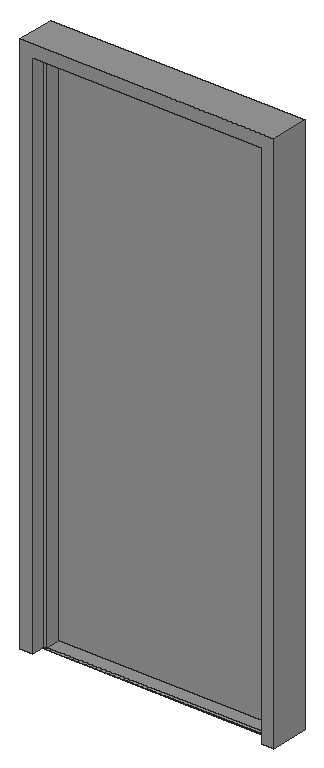
Revit family "WoodBulletResistantDoor_AMBICO_Single", category Doors, host Wall, Revit 2026
Family settings
  Host = Wall
  Classification Number = 23.30.10.11.11
  Always vertical = Yes
  Cut with Voids When Loaded = No
  Shared = No
  Room Calculation Point = No
Parameters (values of type "3' x 7'")
  z_Door Side Gap = 0' - 0 1/8"
  ZWidth = if(Width > Maximum Width, Maximum Width, if(Width < Minimum Width, Minimum Width, Width))  # 3' - 0"
  ZHeight = if(Height > Maximum Height, Maximum Height, if(Height < Minimum Height, Minimum Height, Height))  # 7' - 0"
  Warranty = "Five (5) years from date of supply, covering material and workmanship."  # constant formula
  Version = 2  # constant formula
  URL = "https://www.ambico.com/"
  Thickness = 0' - 1 3/4"  # constant formula
  Rough Width = Width + (Frame Width * 2)  # 3' - 4"
  Rough Height = Height + Frame Width  # 7' - 2"
  Product data url = ""
  Product Page URL = "https://www.ambico.com/acoustic-steel-doors-and-frames/"
  Product Material = AMBICO - Wood
  Panel Material = AMBICO - Wood
  Operation = "Swing"  # constant formula
  Model = "AMBICO - Wood Bullet Single"  # constant formula
  Minimum Width = 2' - 6"  # constant formula
  Minimum Height = 5' - 0"  # constant formula
  Maximum Width = 4' - 8"  # constant formula
  Maximum Height = 8' - 0"  # constant formula
  Manufacturer = "AMBICO"  # constant formula
  Function = Interior
  Height = 7' - 0"
  Wall Closure = By host
  Width = 3' - 0"
  Frame Width = 0' - 2"  # constant formula
  FireRating [instance] = ""
  Fire Rating = "45, 90, 180"
  Description = "AMBICO - Wood Bullet Single"  # constant formula
  Define Thermal Properties by = Schematic Type
  Date Updated = "2026/01/06"  # constant formula
  Date Created = "2023/08/02"  # constant formula
  BulletRating [instance] = ""
  Analytic Construction = "<None>"
  AcousticRating [instance] = 0
Reference planes (in)
  plane 1 "Center (Front/Back)": y = 0
  plane 2 "Center (Left/Right)": x = 0
  plane 3 "Left": x = -20
  plane 4 "Right": x = 20
  plane 5 "Top": z = 86.01953
  plane 6 "Exterior": y = 3
  plane 7 "Interior": y = -3
  plane 8: z = 84.01953
  plane 9: y = 2.5
  plane 10: y = -2.5
  plane 11: y = 1.0625
  plane 12: y = -1.0625
  plane 13: z = 83.39453
  plane 14: z = 85.96094
  plane 15: y = 2.94141
  plane 16: z = 84.07813
  plane 17: y = 1.00391
  plane 18: z = 83.45313
  plane 19: y = -1.00391
  plane 20: y = -2.94141
  plane 21: x = 18
  plane 22: x = -18
  plane 23: z = 84
  plane 24: y = 1.25
  plane 25: y = 39
  plane 26: x = -16.125
  plane 27: y = 39.125
  plane 28: z = 0.24937
  plane 29: y = 3.125
  plane 30: x = -17.875
  plane 31: x = 17.875
Forms (in)
  Sweep 1, solid, material "AMBICO - Wood" <- "Product Material"
    path origin (0, 0, 0) x (1, 0, 0) y (0, 0, 1)
      loop
        line (-20, 0) -> (-20, 86.01953) -> (20, 86.01953) -> (20, 0)
    profile origin (0, 0, 86.01953) x (0, 0, -1) y (0, -1, 0)
      loop
        line (0, -3) -> (2, -3) -> (2, -1.0625) -> (2.625, -1.0625) -> (2.625, 1.0625) -> (2, 1.0625) -> (2, 3) -> (0, 3) -> (0, -3)
  Extrusion 2, solid, material "AMBICO - Wood" <- "Panel Material"
    sketch origin (0, 0, 0) x (1, 0, 0) y (0, 0, 1)
      loop
        line (-17.875, 0.24937) -> (17.875, 0.24937) -> (17.875, 84) -> (-17.875, 84) -> (-17.875, 0.24937)
    from -3 to -1.25
  Sweep 3, solid, material "AMBICO - Wood" <- "Product Material"
    path origin (0, 3, 0) x (1, 0, 0) y (0, 0, 1)
      loop
        line (18, 0) -> (-18, 0)
    profile "Threshold Profiles : Family5" origin (0, 3, 0) x (0, 0, -1) y (0, -1, 0)
      loop
        line (-0.14027, 1.71883) -> (-0.07793, 1.71883) -> (-0.07793, 1.78117) -> (-0.14027, 1.78117) -> (-0.14027, 3.93203) -> (-0.1091, 4.00996) -> (-0.1091, 3.86969) -> (0, 3.86969) -> (0, 4.24375) -> (-0.12469, 4.24375) -> (-0.24937, 3.93203) -> (-0.24937, -0.43203) -> (-0.12469, -0.74375) -> (0, -0.74375) -> (0, -0.36969) -> (-0.1091, -0.36969) -> (-0.1091, -0.50996) -> (-0.14027, -0.43203) -> (-0.14027, 1.71883)
Lines and regions (in)
  Opening 1
    outline origin (-90, -3, 0) x (1, 0, 0) y (0, 0, 1)
      loop
        line (70, 0) -> (110, 0) -> (110, 86.01953) -> (70, 86.01953) -> (70, 0)
  Masking region 1
    outline origin (0, 0, 0) x (1, 0, 0) y (0, 1, 0)
      loop
        line (-20, -3) -> (-18, -3) -> (-18, -1.0625) -> (-17.375, -1.0625) -> (-17.375, 1.0625) -> (-18, 1.0625) -> (-18, 3) -> (-20, 3) -> (-20, -3)
  Masking region 2
    outline origin (0, 0, 0) x (1, 0, 0) y (0, 1, 0)
      loop
        line (20, -3) -> (20, 3) -> (18, 3) -> (18, 1.0625) -> (17.375, 1.0625) -> (17.375, -1.0625) -> (18, -1.0625) -> (18, -3) -> (20, -3)
  symbolic lines, style "Doors"
    curve 1: line (-17.875, 39.125, 0) -> (-16.125, 39.125, 0)
    curve 2: line (-16.125, 3.125, 0) -> (-16.125, 39.125, 0)
    curve 3: line (-17.875, 3.125, 0) -> (-17.875, 39.125, 0)
    curve 4: line (-17.875, 3.125, 0) -> (-16.125, 3.125, 0)
  symbolic lines
    curve 5: circle (-18, 3.125, 0) r 0.125 normal (0, 0, 1)
  symbolic lines, style "Elevation Swing"
    curve 6: arc (17.875, 3, 0) -> (7.41161, 28.32322, 0) -> (-17.875, 38.87478, 0) r 35.875
Text (in)
  text "Exterior" at (-74.96733, 27.31104, 0), in view "Ref. Level"
  text "Interior" at (-74.96733, -25.14366, 0), in view "Ref. Level"
  text "Exterior" at (0, 40.15149, 123.01588), in view "Right"
  text "Interior" at (0, -64.39139, 123.01588), in view "Right"
  text "Interior" at (0, -31.01599, 123.00693), in view "Left"
  text "Exterior" at (0, 54.57065, 123.00693), in view "Left"
Dimensions and locks (in)
  equal spacing: plane 3 "Left", plane 2 "Center (Left/Right)", plane 4 "Right"
  "ZHeight": level to plane 23
  locked: plane 6 "Exterior" to plane 9 at 0.5
  locked: plane 10 to plane 7 "Interior" at 0.5
  locked: plane 6 "Exterior" to plane 11 at 1.9375
  locked: plane 12 to plane 7 "Interior" at 1.9375
  locked: plane 8 to plane 5 "Top" at 2
  locked: plane 8 to plane 13 at 0.625
  locked: plane 6 "Exterior" to plane 15 at 0.05859
  locked: plane 20 to plane 7 "Interior" at 0.05859
  locked: plane 14 to plane 5 "Top" at 0.05859
  locked: plane 16 to plane 8 at 0.05859
  locked: plane 11 to plane 17 at 0.05859
  locked: plane 19 to plane 12 at 0.05859
  locked: plane 18 to plane 13 at 0.05859
  locked: plane 21 to plane 4 "Right" at 2
  locked: plane 3 "Left" to plane 22 at 2
  "ZWidth": plane 22 to plane 21
  locked: plane 8 to plane 23 at 0.01953
  "Thickness": plane 24 to plane 6 "Exterior"
  "Width": plane 6 "Exterior" to plane 25
  "z_Door Side Gap": plane 27 to plane 25
  locked: level to plane 28 at 0.24937
  "z_Door Side Gap": plane 6 "Exterior" to plane 29
  "z_Door Side Gap": plane 22 to plane 30
  "z_Door Side Gap": plane 31 to plane 21
  plane 30 to plane 26 = 0' - 1 3/4"
  aligned and locked: plane 3 "Left" to Opening 1 sketch curve
  aligned and locked: plane 5 "Top" to Opening 1 sketch curve  (x2)
  aligned and locked: Opening 1 sketch curve to plane 4 "Right"
  aligned and locked: Opening 1 sketch curve to level
  aligned and locked: plane 6 "Exterior" to host wall
  aligned and locked: plane 7 "Interior" to host wall
  aligned and locked: Sweep 1 sketch curve to plane 3 "Left"
  aligned and locked: Sweep 1 sketch curve to plane 4 "Right"
  aligned and locked: Sweep 1 sketch curve to plane 5 "Top"  (x2)
  aligned and locked: level to Sweep 1 sketch curve  (x2)
  aligned and locked: Sweep 1 sketch curve to plane 6 "Exterior"
  aligned and locked: Sweep 1 sketch curve to plane 7 "Interior"
  aligned and locked: Sweep 1 sketch curve to plane 8
  aligned and locked: Sweep 1 sketch curve to plane 11
  aligned and locked: Sweep 1 sketch curve to plane 13
  aligned and locked: Sweep 1 sketch curve to plane 12
  aligned and locked: Extrusion 2 sketch curve to plane 23
  aligned and locked: Extrusion 2 to plane 6 "Exterior"
  aligned and locked: plane 24 to Extrusion 2
  aligned and locked: curve 2 to plane 26
  aligned and locked: plane 28 to Extrusion 2 sketch curve
  aligned and locked: curve 4 to plane 29
  aligned and locked: curve 3 to plane 30
  aligned and locked: plane 30 to Extrusion 2
  aligned and locked: Extrusion 2 to plane 31
  aligned and locked: curve 1 to plane 27
  aligned and locked: Masking region 1 sketch curve to plane 3 "Left"
  aligned and locked: Sweep 1 to Masking region 1 sketch curve
  aligned and locked: Masking region 1 sketch curve to Sweep 1  (x2)
  aligned and locked: Masking region 1 sketch curve to plane 22
  aligned and locked: Masking region 1 sketch curve to plane 7 "Interior"
  aligned and locked: Masking region 1 sketch curve to plane 6 "Exterior"
  aligned and locked: Masking region 2 sketch curve to plane 4 "Right"
  aligned and locked: Masking region 2 sketch curve to plane 21
  aligned and locked: Masking region 2 sketch curve to Sweep 1  (x2)
  aligned and locked: Sweep 1 to Masking region 2 sketch curve
  aligned and locked: Masking region 2 sketch curve to plane 7 "Interior"
  aligned and locked: Masking region 2 sketch curve to plane 6 "Exterior"
  aligned and locked: plane 21 to Sweep 3 sketch curve
  aligned and locked: plane 22 to Sweep 3 sketch curve
Automatic sketch dimensions
  Sweep 1 sketch curve to Sweep 1 sketch curve = 0' - 0"
  Extrusion 2 sketch curve to plane 22 = 0' - 0 1/8"
  plane 21 to Extrusion 2 sketch curve = 0' - 0 1/8"
  curve 6 to host wall = 0' - 0"
  curve 6 to plane 22 = 0' - 0"
  curve 5 to plane 22 = 0' - 0"
  curve 6 to plane 31 = 0' - 0"
  curve 5 to plane 29 = 0' - 0"
  Masking region 1 sketch curve to plane 22 = 0' - 0"
  Masking region 2 sketch curve to plane 21 = 0' - 0"
  Sweep 3 sketch curve to level = 0' - 0"
